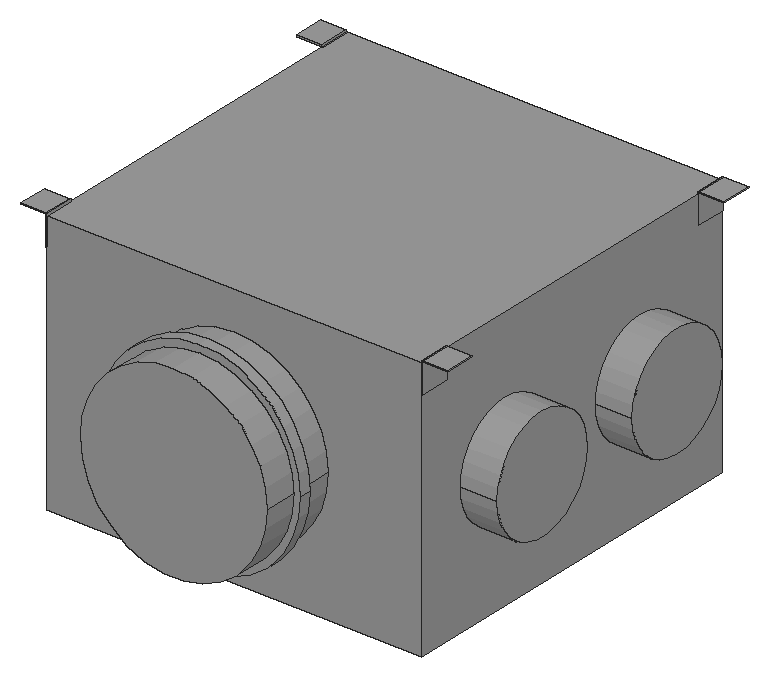
Revit family "FASU(F5-150 250Φ)", category ダクト付属品, Revit 2020
Family settings
  丸型コネクタ寸法 = 直径を使用
  パーツ タイプ = ダンパー
  OmniClass 番号 = 23.75.00.00
  OmniClass タイトル = Climate Control (HVAC)
  作業面ベース = いいえ
  常に垂直 = はい
  ロード時にボイドで切り取り = いいえ
  共有 = いいえ
Parameters
  高さ = 350 mm
  風量 [instance] = 0.0 L/s
  符号 = "FASU"
  形式 = "F5-150 250φ"
  幅 [instance] = 500 mm
  奥行き = 500 mm
  大きさ = 250 mm
  呼称 = "FASUチャンバー"
  付属品_下端レベル [instance] = 0 mm
  マテリアル [instance] = 既定値
  ダクト_イン = 250 mm
  ダクト_アウト = 150 mm
  既定の高さ = 0 mm
Reference planes
  plane 1 "中心(正面/背面)": y = 0
  plane 2: z = 0
  plane 3 "中心(左/右)": x = 0
  plane 4: x = -250
  plane 5: x = 250
  plane 6: y = -500
  plane 7: z = 350
  plane 8: z = 175
  plane 9: z = 266.963
  plane 10: z = 86.159
  plane 11: x = -125
  plane 12: x = 125
  plane 13: x = -135
  plane 14: x = 135
  plane 15: x = -251
  plane 16: z = 313.122
  plane 17: z = 352.122
  plane 18: y = -250
Forms (mm)
  Extrusion 1, solid, material "既定値" <- "マテリアル"
    sketch origin (0, 0, 0) x (1, 0, 0) y (0, 1, 0)
      loop
        line (-250, 0) -> (-250, -500) -> (250, -500) -> (250, 0) -> (-250, 0)
    from 0 to 350
  Extrusion 2, solid, material "既定値" <- "マテリアル"
    sketch origin (0, -30, 0) x (1, 0, 0) y (0, 0, 1)
      loop
        circle (0, 175) r 125
    from 470 to 512.5
  Extrusion 3, solid, material "既定値" <- "マテリアル"
    sketch origin (0, -30, 0) x (1, 0, 0) y (0, 0, 1)
      loop
        circle (0, 175) r 135
    from 512.5 to 527.5
  Extrusion 4, solid, material "既定値" <- "マテリアル"
    sketch origin (0, -117.5, 0) x (1, 0, 0) y (0, 0, 1)
      loop
        circle (0, 175) r 125
    from 440 to 482.5
  Extrusion 5, solid, material "既定値" <- "マテリアル"
    sketch origin (0, -30, 0) x (0, 1, 0) y (0, 0, 1)
      loop
        circle (-332.5, 175) r 74.985
    from -300 to -250
  Extrusion 6, solid, material "既定値" <- "マテリアル"
    sketch origin (550, -30, 0) x (0, 1, 0) y (0, 0, 1)
      loop
        circle (-332.5, 175) r 74.985
    from -300 to -250
  Extrusion 7, solid, material "既定値" <- "マテリアル"
    sketch origin (0, -30, 0) x (1, 0, 0) y (0, 1, 0)
      loop
        line (-250, 30) -> (-251, 30) -> (-251, -10) -> (-250, -10) -> (-250, 30)
    from 313.122 to 350
  Extrusion 8, solid, material "既定値" <- "マテリアル"
    sketch origin (0, -30, 0) x (1, 0, 0) y (0, 1, 0)
      loop
        line (-285, 30) -> (-285, -10) -> (-251, -10) -> (-251, 30) -> (-285, 30)
    from 352.122 to 350
  Extrusion 9, solid, material "既定値" <- "マテリアル"
    sketch origin (0, -30, 0) x (-1, 0, 0) y (0, -1, 0)
      loop
        line (-250, -30) -> (-250, 10) -> (-251, 10) -> (-251, -30) -> (-250, -30)
    from 313.122 to 353.122
  Extrusion 10, solid, material "既定値" <- "マテリアル"
    sketch origin (0, -30, 0) x (-1, 0, 0) y (0, -1, 0)
      loop
        line (-285, -30) -> (-251, -30) -> (-251, 10) -> (-285, 10) -> (-285, -30)
    from 352.122 to 353.122
  Extrusion 11, solid, material "既定値" <- "マテリアル"
    sketch origin (0, -490, 0) x (1, 0, 0) y (0, 1, 0)
      loop
        line (-285, 30) -> (-285, -10) -> (-251, -10) -> (-251, 30) -> (-285, 30)
    from 352.122 to 353.122
  Extrusion 12, solid, material "既定値" <- "マテリアル"
    sketch origin (0, -490, 0) x (1, 0, 0) y (0, 1, 0)
      loop
        line (-250, 30) -> (-251, 30) -> (-251, -10) -> (-250, -10) -> (-250, 30)
    from 313.122 to 353.122
  Extrusion 13, solid, material "既定値" <- "マテリアル"
    sketch origin (0, -490, 0) x (-1, 0, 0) y (0, -1, 0)
      loop
        line (-285, -30) -> (-251, -30) -> (-251, 10) -> (-285, 10) -> (-285, -30)
    from 352.122 to 353.122
  Extrusion 14, solid, material "既定値" <- "マテリアル"
    sketch origin (0, -490, 0) x (-1, 0, 0) y (0, -1, 0)
      loop
        line (-250, -30) -> (-250, 10) -> (-251, 10) -> (-251, -30) -> (-250, -30)
    from 313.122 to 353.122
  Extrusion 15, solid, material "既定値" <- "マテリアル"
    sketch origin (-332.5, 300, 0) x (-1, 0, 0) y (0, 0, 1)
      loop
        circle (-332.5, 175) r 74.985
    from -300 to -250
  Extrusion 16, solid, material "既定値" <- "マテリアル"
    sketch origin (550, -470, 0) x (0, -1, 0) y (0, 0, -1)
      loop
        circle (-332.5, -175) r 74.985
    from -300 to -250
  Extrusion 17, solid, material "既定値" <- "マテリアル"
    sketch origin (-550, -470, 0) x (0, -1, 0) y (0, 0, 1)
      loop
        circle (-332.5, 175) r 74.985
    from -300 to -250
Lines and regions (mm)
  model lines
    curve 1: line (-250, -30, 0) -> (250, -30, 0)
    curve 2: line (-250, -470, 0) -> (250, -470, 0)
Text (mm)
  text "FASU(F5-150 250Φ)" at (120.822, -450.782, 0), in view "参照レベル"
Dimensions and locks
  equal spacing: plane 4, plane 3 "中心(左/右)", plane 5
  "幅": plane 4 to plane 5
  "奥行き": plane 6 to plane 1 "中心(正面/背面)"
  "高さ": plane 7 to level
  equal spacing: plane 7, plane 8, level
  equal spacing: plane 6, plane 18, plane 1 "中心(正面/背面)"
  aligned and locked: level to plane 2
  aligned and locked: Extrusion 1 sketch curve to plane 5
  aligned and locked: plane 7 to Extrusion 1
  aligned and locked: plane 4 to Extrusion 5
  aligned and locked: Extrusion 6 to plane 5
  aligned and locked: Extrusion 7 sketch curve to Extrusion 1
  aligned and locked: plane 7 to Extrusion 7
  aligned and locked: Extrusion 8 sketch curve to Extrusion 7
  aligned and locked: Extrusion 7 to Extrusion 8 sketch curve
  aligned and locked: plane 7 to Extrusion 8
  aligned and locked: Extrusion 8 to plane 17
  aligned and locked: Extrusion 9 to Extrusion 10 sketch curve
  aligned and locked: Extrusion 10 sketch curve to Extrusion 9
  aligned and locked: Extrusion 3 to Extrusion 4
  aligned and locked: Extrusion 3 to Extrusion 2
  aligned and locked: Extrusion 1 to Extrusion 13
  aligned and locked: Extrusion 11 to Extrusion 1
  aligned and locked: Extrusion 12 to Extrusion 1
  aligned and locked: Extrusion 1 to Extrusion 14
  aligned and locked: Extrusion 14 to Extrusion 13
  aligned and locked: Extrusion 12 to Extrusion 11
  aligned and locked: plane 4 to Extrusion 12
  aligned and locked: Extrusion 14 to plane 5
  aligned and locked: plane 4 to curve 1
  aligned and locked: plane 5 to curve 1
  aligned and locked: plane 5 to curve 2
  aligned and locked: plane 4 to curve 2
  aligned and locked: Extrusion 1 to Extrusion 8
  aligned and locked: Extrusion 10 to Extrusion 1
  aligned and locked: Extrusion 9 to plane 5
  aligned and locked: Extrusion 15 to Extrusion 1
  aligned and locked: Extrusion 1 to plane 6
  aligned and locked: Extrusion 1 to plane 1 "中心(正面/背面)"
  aligned and locked: plane 6 to Extrusion 2
  aligned and locked: Extrusion 16 to plane 5
  aligned and locked: plane 4 to Extrusion 17
Automatic sketch dimensions
  plane 6 to curve 2 = 30 mm
  plane 1 "中心(正面/背面)" to curve 1 = 30 mm
  Extrusion 1 sketch curve to plane 4 = 0 mm
  Extrusion 1 sketch curve to plane 6 = 0 mm
  plane 1 "中心(正面/背面)" to Extrusion 1 sketch curve = 0 mm
  Extrusion 2 sketch curve to plane 3 "中心(左/右)" = 0 mm
  Extrusion 2 sketch curve to plane 8 = 0 mm
  Extrusion 3 sketch curve to plane 3 "中心(左/右)" = 0 mm
  Extrusion 3 sketch curve to plane 8 = 0 mm
  Extrusion 4 sketch curve to plane 3 "中心(左/右)" = 0 mm
  Extrusion 4 sketch curve to plane 8 = 0 mm
  Extrusion 5 sketch curve to plane 8 = 0 mm
  Extrusion 6 sketch curve to plane 8 = 0 mm
  plane 1 "中心(正面/背面)" to Extrusion 7 sketch curve = 0 mm
  Extrusion 7 sketch curve to plane 15 = 0 mm
  Extrusion 7 sketch curve to Extrusion 7 sketch curve = 40 mm
  plane 1 "中心(正面/背面)" to Extrusion 8 sketch curve = 0 mm
  Extrusion 8 sketch curve to Extrusion 8 sketch curve = 34 mm
  plane 1 "中心(正面/背面)" to Extrusion 9 sketch curve = 0 mm
  Extrusion 9 sketch curve to plane 5 = 0 mm
  Extrusion 9 sketch curve to Extrusion 9 sketch curve = 1 mm
  Extrusion 9 sketch curve to Extrusion 9 sketch curve = 40 mm
  plane 1 "中心(正面/背面)" to Extrusion 10 sketch curve = 0 mm
  Extrusion 10 sketch curve to Extrusion 10 sketch curve = 34 mm
  Extrusion 11 sketch curve to plane 6 = 0 mm
  Extrusion 11 sketch curve to plane 15 = 0 mm
  Extrusion 11 sketch curve to Extrusion 11 sketch curve = 34 mm
  Extrusion 12 sketch curve to plane 15 = 0 mm
  Extrusion 12 sketch curve to plane 4 = 0 mm
  Extrusion 12 sketch curve to plane 6 = 0 mm
  Extrusion 13 sketch curve to plane 6 = 0 mm
  Extrusion 13 sketch curve to plane 5 = 35 mm
  Extrusion 13 sketch curve to plane 5 = 1 mm
  Extrusion 14 sketch curve to plane 6 = 0 mm
  Extrusion 14 sketch curve to plane 5 = 0 mm
  Extrusion 14 sketch curve to Extrusion 14 sketch curve = 1 mm
  Extrusion 15 sketch curve to plane 3 "中心(左/右)" = 0 mm
  Extrusion 15 sketch curve to plane 8 = 0 mm
  Extrusion 16 sketch curve to plane 8 = 0 mm
  plane 18 to Extrusion 16 sketch curve = 112.5 mm
  Extrusion 17 sketch curve to plane 8 = 0 mm
  plane 18 to Extrusion 17 sketch curve = 112.5 mm
  Extrusion 5 sketch curve to plane 18 = 112.5 mm
  Extrusion 6 sketch curve to plane 18 = 112.5 mm
  plane 6 to Extrusion 11 sketch curve = 40 mm
  plane 6 to Extrusion 12 sketch curve = 40 mm
  Extrusion 13 sketch curve to plane 6 = 40 mm
  Extrusion 14 sketch curve to plane 6 = 40 mm
  radius of Extrusion 2 sketch curve = 125 mm
  radius of Extrusion 3 sketch curve = 135 mm
  radius of Extrusion 4 sketch curve = 125 mm
  radius of Extrusion 5 sketch curve = 74.985 mm
  radius of Extrusion 6 sketch curve = 74.985 mm
  radius of Extrusion 15 sketch curve = 74.985 mm
  radius of Extrusion 16 sketch curve = 74.985 mm
  radius of Extrusion 17 sketch curve = 74.985 mm
Connectors
  hvac at (300, -362.5, 175), driven by "ダクト_アウト"
    settings: on Extrusion 6, index 11, duct flow 0.0 L/s, flow factor 0, pres drop 0.0 Pa, loss coef 0, conn angle 0.00°, conn width 304.8 mm, conn height 304.8 mm, conn diameter 150 mm, duct sys type 29, conn prof type 0, flow config 0, flow direction 2, loss method 0, conn ref index -1, conn util no, is conn primary yes, conn desc ""
  hvac at (-300, -362.5, 175), driven by "ダクト_アウト"
    settings: on Extrusion 5, index 12, duct flow 0.0 L/s, flow factor 0, pres drop 0.0 Pa, loss coef 0, conn angle 0.00°, conn width 304.8 mm, conn height 304.8 mm, conn diameter 150 mm, duct sys type 29, conn prof type 0, flow config 0, flow direction 0, loss method 0, conn ref index -1, conn util no, is conn primary no, conn desc ""
  hvac at (-300, -137.5, 175), driven by "ダクト_アウト"
    settings: on Extrusion 17, index 13, duct flow 0.0 L/s, flow factor 0, pres drop 0.0 Pa, loss coef 0, conn angle 0.00°, conn width 304.8 mm, conn height 304.8 mm, conn diameter 150 mm, duct sys type 29, conn prof type 0, flow config 0, flow direction 0, loss method 0, conn ref index -1, conn util no, is conn primary no, conn desc ""
  hvac at (0, 50, 175), driven by "ダクト_アウト"
    settings: on Extrusion 15, index 14, duct flow 0.0 L/s, flow factor 0, pres drop 0.0 Pa, loss coef 0, conn angle 0.00°, conn width 304.8 mm, conn height 304.8 mm, conn diameter 150 mm, duct sys type 29, conn prof type 0, flow config 0, flow direction 0, loss method 0, conn ref index -1, conn util no, is conn primary no, conn desc ""
  hvac at (300, -137.5, 175), driven by "ダクト_アウト"
    settings: on Extrusion 16, index 15, duct flow 0.0 L/s, flow factor 0, pres drop 0.0 Pa, loss coef 0, conn angle 0.00°, conn width 304.8 mm, conn height 304.8 mm, conn diameter 150 mm, duct sys type 29, conn prof type 0, flow config 0, flow direction 0, loss method 0, conn ref index -1, conn util no, is conn primary no, conn desc ""
  hvac at (0, -600, 175), driven by "ダクト_イン"
    settings: on Extrusion 4, index 16, duct flow 0.0 L/s, flow factor 0, pres drop 0.0 Pa, loss coef 0, conn angle 0.00°, conn width 304.8 mm, conn height 304.8 mm, conn diameter 250 mm, duct sys type 29, conn prof type 0, flow config 0, flow direction 1, loss method 0, conn ref index -1, conn util no, is conn primary no, conn desc ""
